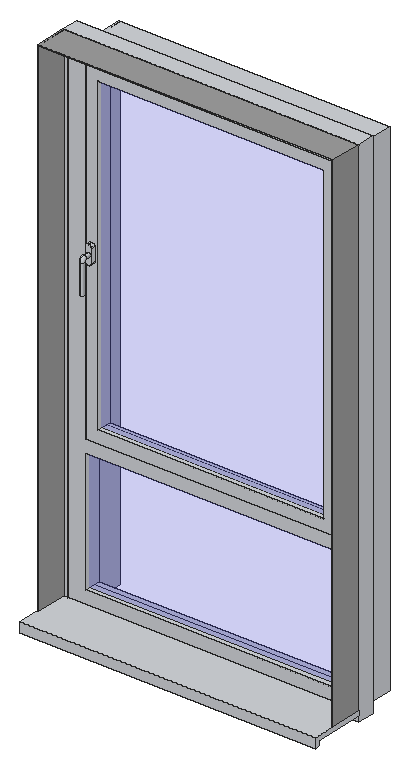
Revit family "AVLN_Окно_Фрамуга_1 створка", category Окна, Revit 2021
Family settings
  Основа = Стена
  Номер OmniClass = 23.30.20.00
  Заголовок OmniClass = Windows
  Всегда вертикально = Да
  При загрузке вырезать с полостями = Нет
  Общий = Нет
  Точка принадлежности помещению = Нет
Parameters (values of type "Для копирования!")
  Ширина рамы = 70 mm
  Ширина импоста = 50 mm
  Четверть слева/справа = 50 mm
  Четверть низ = 0 mm  # constant formula
  Четверть верх = 50 mm
  Толщина основы [instance] = 200 mm
  Створка_толщина = 25 mm  # constant formula
  Створка_снизу_высота = 500 mm
  Створка_профиль = 50 mm
  Створка ширина = Width - ((Ширина рамы * 2) + (Монтажный зазор_Слева + Монтажный зазор_Справа))  # 1020 mm
  Створка высота = Height - (Створка_снизу_высота + (Ширина рамы * 2) + Ширина импоста + (Монтажный зазор_Сверху + Монтажный зазор_Снизу))  # 1370 mm
  Rough Width = Width - Монтажный зазор_Слева - Монтажный зазор_Справа  # 1160 mm
  Rough Height = Height - Монтажный зазор_Сверху - Монтажный зазор_Снизу  # 2060 mm
  Подстановочный профиль_Ширина = 20 mm  # constant formula
  Подстановочный профиль_Толщина = 50 mm
  Подоконник_Толщина = 20 mm
  Подоконник_Длина = Width  # 1200 mm
  Подоконник_Глубина = 190 mm
  Подоконник = yes
  Отлив_Толщина = 1 mm  # constant formula
  Отлив_Длина = Width - [Четверть слева/справа] * 2  # 1100 mm
  Отлив_Глубина = 200 mm
  Отлив = no
  Откос_Н.Ширина = Width - 2 * [Четверть слева/справа]  # 1100 mm
  Откос_Н.Толщина.8 = 32 mm
  Откос_Н.Толщина.7 = 28 mm
  Откос_Н.Толщина.6 = 24 mm
  Откос_Н.Толщина.5 = 20 mm
  Откос_Н.Толщина.4 = 16 mm
  Откос_Н.Толщина.3 = 12 mm
  Откос_Н.Толщина.2 = 8 mm
  Откос_Н.Толщина.1 = 4 mm
  Откос_Н.Отступ_П = 0 mm  # constant formula
  Откос_Н.Отступ_Л = 0 mm  # constant formula
  Откос_Н.Количество слоев = 1
  Откос_Н.Глубина = 150 mm
  Откос_Н.Высота = Height - Четверть верх - Четверть низ  # 2050 mm
  Откос_В.Толщина.8 = 32 mm
  Откос_В.Толщина.7 = 28 mm
  Откос_В.Толщина.6 = 24 mm
  Откос_В.Толщина.5 = 20 mm
  Откос_В.Толщина.4 = 16 mm
  Откос_В.Толщина.3 = 12 mm
  Откос_В.Толщина.2 = 8 mm
  Откос_В.Толщина.1 = 4 mm
  Откос_В.Отступ_П [instance] = Монтажный зазор_Снизу + Подоконник_Толщина  # 40 mm
  Откос_В.Отступ_Л [instance] = Монтажный зазор_Снизу + Подоконник_Толщина  # 40 mm
  Откос_В.Количество слоев = 1
  Откос_В.Глубина [instance] = Толщина основы - Глубина вставки - Ширина рамы  # 130 mm
  Определить тепловые свойства по = Тип схем
  Низ открывание = АВЛН_Створка открывная : Створка глухая
  Монтажный зазор_Справа = 20 mm
  Монтажный зазор_Снизу = 20 mm
  Монтажный зазор_Слева = 20 mm
  Монтажный зазор_Сверху = 20 mm
  М.Стекла = Стекло
  М.Рамы = none
  М.Подоконный профиль = none
  М.Подоконник = none
  М.Отлив = none
  М.Откос_Н.8 = none
  М.Откос_Н.7 = none
  М.Откос_Н.6 = none
  М.Откос_Н.5 = none
  М.Откос_Н.4 = none
  М.Откос_Н.3 = none
  М.Откос_Н.2 = none
  М.Откос_Н.1 = none
  М.Откос_В.8 = none
  М.Откос_В.7 = none
  М.Откос_В.6 = none
  М.Откос_В.5 = none
  М.Откос_В.4 = none
  М.Откос_В.3 = none
  М.Откос_В.2 = none
  М.Откос_В.1 = none
  М.Монтажного зазора = none
  Type Comments = ""
  Model = ""
  Глубина вставки = 0 mm
  Высота подоконника по умолчанию = 800 mm
  Height = 2100 mm
  Замыкание стены = По основе
  Width = 1200 mm
  Верх открывание = АВЛН_Створка открывная : Створка повороно-откидная правая
  Аналитическая конструкция = "<Нет>"
  АВЛН_Проем_Ширина [instance] = Width  # 1200 mm
  АВЛН_Проем_Высота [instance] = Height  # 2100 mm
  ADSK_Этаж [instance] = ""
  ADSK_Размер_Ширина = Width  # 1200 mm
  ADSK_Размер_Высота = Height  # 2100 mm
  ADSK_Примечание [instance] = ""
  ADSK_Площадь = Height * Width  # 2.52 m²
  ADSK_Обозначение = ""
  ADSK_Номер секции [instance] = ""
  ADSK_Наименование = ""
  ADSK_Марка = ""
  ADSK_Группирование = ""
  -----------Разрезка----------- = "-----------"  # constant formula
  -----------Профили----------- = "-----------"  # constant formula
  -----------Подоконник----------- = "-----------"  # constant formula
  -----------Отлив----------- = "-----------"  # constant formula
  -----------Откос----------- = "-----------"  # constant formula
  -----------Основные габариты----------- = "-----------"  # constant formula
  -----------Вставка----------- = "-----------"  # constant formula
Reference planes
  plane 1 "По центру (Вперед/Назад)": y = 0
  plane 2 "По центру (Влево/Вправо)": x = 0
  plane 3 "Слева": x = -600
  plane 4 "Справа": x = 600
  plane 5 "Подоконник": z = 800
  plane 6 "Заголовок": z = 2900
  plane 7 "Наружный": y = 100
  plane 8 "Внутренние": y = -100
  plane 9 "Окно": y = 100
  plane 10: x = 580
  plane 11: z = 2880
  plane 12: x = -580
  plane 13: z = 820
  plane 14: x = 550
  plane 15: x = -550
  plane 16: z = 1850
  plane 17: y = 600
  plane 18: y = -400
  plane 19: z = 2850
  plane 20 "Чет. низ": z = 800
  plane 21 "Внутряння грань": y = 30
  plane 22: y = 80
  plane 23 "Импост верх": z = 1440
  plane 24 "Импост низ": z = 1390
  plane 25: z = 890
  plane 26: z = 2810
  plane 27: x = -510
  plane 28: x = 510
  plane 29 "4": z = 1415
  plane 30: z = 1140
  plane 31: x = 0
  plane 32: z = 2125
Forms (mm)
  Extrusion 1, void
    sketch origin (0, 100, 0) x (1, 0, 0) y (0, 0, 1)
      loop
        line (550, 2850) -> (-550, 2850) -> (-550, 800) -> (550, 800) -> (550, 2850)
    from -500 to 20
  Extrusion 2, void
    sketch origin (0, 100, 0) x (1, 0, 0) y (0, 0, 1)
      loop
        line (600, 2900) -> (-600, 2900) -> (-600, 800) -> (600, 800) -> (600, 2900)
    from 0 to 500
  Extrusion 3, solid, material <- "М.Монтажного зазора", detail levels medium+fine
    sketch origin (0, 100, 0) x (1, 0, 0) y (0, 0, 1)
      loop
        line (600, 2900) -> (-600, 2900) -> (-600, 800) -> (600, 800) -> (600, 2900)
      loop
        line (-580, 2880) -> (-580, 820) -> (580, 820) -> (580, 2880) -> (-580, 2880)
    from 0 to 70
  Extrusion 4, solid, material <- "М.Рамы", detail levels medium+fine
    sketch origin (0, 100, 0) x (-1, 0, 0) y (0, 0, 1)
      loop
        line (-580, 2880) -> (-580, 820) -> (580, 820) -> (580, 2880) -> (-580, 2880)
      loop
        line (-510, 2810) -> (-510, 1440) -> (510, 1440) -> (510, 2810) -> (-510, 2810)
      loop
        line (-510, 890) -> (510, 890) -> (510, 1390) -> (-510, 1390) -> (-510, 890)
    from -70 to 0
Lines and regions (mm)
  reference lines
    curve 1: line (-600, -100, 1415) -> (600, -100, 1415)
Text (mm)
  text "EXTERIOR" at (-1963.203, 1332.353, 0), in view "Опорный уровень"
  text "INTERIOR" at (-1981.466, -818.386, 0), in view "Опорный уровень"
  text "Наружный" at (0, 923.751, 2943.296), in view "Справа"
  text "Наружный" at (0, 1240.237, 2685.409), in view "Слева"
Dimensions and locks
  equal spacing: plane 3 "Слева", plane 2 "По центру (Влево/Вправо)", plane 4 "Справа"
  "Width": plane 3 "Слева" to plane 4 "Справа"
  "Height": plane 5 "Подоконник" to plane 6 "Заголовок"
  "Высота подоконника по умолчанию": plane 5 "Подоконник" to level
  locked: plane 7 "Наружный" to host wall
  locked: plane 8 "Внутренние" to host wall
  "Глубина вставки": plane 9 "Окно" to plane 7 "Наружный"
  "Монтажный зазор_Справа": plane 10 to plane 4 "Справа"
  "Монтажный зазор_Слева": plane 3 "Слева" to plane 12
  "Монтажный зазор_Сверху": plane 11 to plane 6 "Заголовок"
  "Монтажный зазор_Снизу": plane 5 "Подоконник" to plane 13
  "Четверть слева/справа": plane 14 to plane 4 "Справа"
  "Четверть слева/справа": plane 3 "Слева" to plane 15
  equal spacing: plane 5 "Подоконник", plane 16, plane 6 "Заголовок"
  locked: plane 7 "Наружный" to plane 17 at 500
  locked: plane 18 to plane 8 "Внутренние" at 300
  "Четверть верх": plane 19 to plane 6 "Заголовок"
  "Четверть низ": plane 5 "Подоконник" to plane 20 "Чет. низ"
  "Ширина рамы": plane 9 "Окно" to plane 21 "Внутряння грань"
  "Толщина основы": host wall to host wall
  locked: plane 22 to plane 21 "Внутряння грань" at 50
  "Ширина импоста": plane 24 "Импост низ" to plane 23 "Импост верх"
  "Ширина рамы": plane 28 to plane 10
  "Ширина рамы": plane 12 to plane 27
  "Ширина рамы": plane 13 to plane 25
  "Ширина рамы": plane 26 to plane 11
  plane 23 "Импост верх" to plane 26 = 1370 mm
  "Створка_снизу_высота": plane 25 to plane 24 "Импост низ"
  equal spacing: plane 23 "Импост верх", plane 29 "4", plane 24 "Импост низ"
  equal spacing: plane 3 "Слева", plane 31, plane 4 "Справа"
  equal spacing: plane 24 "Импост низ", plane 30, plane 25
  equal spacing: plane 26, plane 32, plane 23 "Импост верх"
  aligned and locked: Extrusion 1 sketch curve to plane 14
  aligned and locked: Extrusion 1 sketch curve to plane 15
  aligned and locked: plane 17 to Extrusion 1
  aligned and locked: Extrusion 2 sketch curve to plane 6 "Заголовок"
  aligned and locked: Extrusion 2 sketch curve to plane 4 "Справа"
  aligned and locked: plane 5 "Подоконник" to Extrusion 2 sketch curve
  aligned and locked: plane 3 "Слева" to Extrusion 2 sketch curve
  aligned and locked: plane 9 "Окно" to Extrusion 2
  aligned and locked: Extrusion 2 to plane 18
  aligned and locked: Extrusion 1 sketch curve to plane 19
  aligned and locked: plane 20 "Чет. низ" to Extrusion 1 sketch curve
  aligned and locked: plane 9 "Окно" to nested 1
  aligned and locked: plane 2 "По центру (Влево/Вправо)" to nested 1
  aligned and locked: nested 2 to plane 21 "Внутряння грань"
  aligned and locked: nested 2 to plane 2 "По центру (Влево/Вправо)"
  aligned and locked: plane 8 "Внутренние" to nested 3
  aligned and locked: nested 4 to plane 9 "Окно"
  aligned and locked: Extrusion 3 sketch curve to plane 6 "Заголовок"
  aligned and locked: Extrusion 3 sketch curve to plane 4 "Справа"
  aligned and locked: Extrusion 3 sketch curve to nested 2  (x2)
  aligned and locked: Extrusion 3 sketch curve to plane 11
  aligned and locked: Extrusion 3 sketch curve to plane 12
  aligned and locked: plane 13 to Extrusion 3 sketch curve
  aligned and locked: Extrusion 3 sketch curve to plane 10
  aligned and locked: Extrusion 3 to nested 2
  aligned and locked: plane 24 "Импост низ" to Extrusion 4 sketch curve
  aligned and locked: plane 23 "Импост верх" to Extrusion 4 sketch curve
  aligned and locked: Extrusion 4 sketch curve to Extrusion 4 sketch curve
  aligned and locked: plane 27 to Extrusion 4 sketch curve
  aligned and locked: Extrusion 4 sketch curve to plane 12
  aligned and locked: plane 13 to Extrusion 4 sketch curve
  aligned and locked: plane 28 to Extrusion 4 sketch curve  (x2)
  aligned and locked: plane 10 to Extrusion 4 sketch curve
  aligned and locked: Extrusion 4 sketch curve to plane 26
  aligned and locked: Extrusion 4 sketch curve to plane 11
  aligned and locked: plane 20 "Чет. низ" to nested 4
  aligned and locked: nested 4 to plane 2 "По центру (Влево/Вправо)"
  aligned and locked: plane 9 "Окно" to Extrusion 3
  aligned and locked: Extrusion 4 to plane 21 "Внутряння грань"
  aligned and locked: plane 9 "Окно" to Extrusion 4
  aligned and locked: Extrusion 1 to plane 22
  aligned and locked: curve 1 to plane 29 "4"
  aligned and locked: plane 3 "Слева" to curve 1
  aligned and locked: plane 4 "Справа" to curve 1
  aligned and locked: plane 31 to nested 6
  aligned and locked: nested 6 to plane 16
  aligned and locked: nested 3 to plane 31
  aligned and locked: plane 31 to nested 8
  aligned and locked: plane 31 to nested 9
  aligned and locked: nested 8 to plane 32
  aligned and locked: plane 24 "Импост низ" to nested 9
Automatic sketch dimensions
  Extrusion 4 sketch curve to plane 25 = 0 mm
Nested families
  nested 1: "Отлив" at (0, 100, 800) x (-1, 0, 0) z (0, 0, 1), Глубина отлива <- "Отлив_Глубина", Длина отлива <- "Отлив_Длина", ТО <- "Отлив_Толщина", Ш_МЗЗ <- "Монтажный зазор_Снизу", Ш_ПП <- "Подстановочный профиль_Ширина", ADSK_Группирование <- "ADSK_Группирование", ADSK_Номер секции <- "ADSK_Номер секции", ADSK_Этаж <- "ADSK_Этаж", visible <- "Отлив", М <- "М.Отлив", type "Отлив", detail levels fine
    with Ш_ПП 20 mm, Ш_МЗЗ 20 mm, ТО 1 mm, М none, Длина отлива 1100 mm, Глубина отлива 200 mm, ADSK_Этаж "", ADSK_Примечание "", ADSK_Обозначение "", ADSK_Номер секции "", ADSK_Наименование "", ADSK_Марка "", ADSK_Группирование ""
  nested 2: "Подоконник" at (0, 30, 800), Глубина подоконника <- "Подоконник_Глубина", Длина отлива <- "Подоконник_Длина", ТП <- "Подоконник_Толщина", Ш_МЗЗ <- "Монтажный зазор_Снизу", Ш_ПП <- "Подстановочный профиль_Ширина", ADSK_Группирование <- "ADSK_Группирование", ADSK_Номер секции <- "ADSK_Номер секции", ADSK_Этаж <- "ADSK_Этаж", visible <- "Подоконник", М <- "М.Подоконник", type "Подоконник", detail levels fine
    with Ш_ПП 20 mm, Ш_МЗЗ 20 mm, ТП 20 mm, М none, Длина отлива 1200 mm, Глубина подоконника 190 mm, ADSK_Этаж "", ADSK_Примечание "", ADSK_Обозначение "", ADSK_Номер секции "", ADSK_Наименование "", ADSK_Марка "", ADSK_Группирование ""
  nested 3: "AVLN_Откосы_R19" at (0, -100, 0), Глубина <- "Откос_В.Глубина", Высота от уровня <- "Высота подоконника по умолчанию", ADSK_Группирование <- "Type Comments", ADSK_Этаж <- "ADSK_Этаж", ADSK_Номер секции <- "ADSK_Номер секции", Материал_1 <- "М.Откос_В.1", Материал_2 <- "М.Откос_В.2", Материал_3 <- "М.Откос_В.3", Материал_4 <- "М.Откос_В.4", Материал_5 <- "М.Откос_В.5", Материал_6 <- "М.Откос_В.6", Материал_7 <- "М.Откос_В.7", Материал_8 <- "М.Откос_В.8", Толщина_1 <- "Откос_В.Толщина.1", Толщина_2 <- "Откос_В.Толщина.2", Толщина_3 <- "Откос_В.Толщина.3", Толщина_4 <- "Откос_В.Толщина.4", Толщина_5 <- "Откос_В.Толщина.5", Толщина_6 <- "Откос_В.Толщина.6", Толщина_7 <- "Откос_В.Толщина.7", Толщина_8 <- "Откос_В.Толщина.8", Количество слоев <- "Откос_В.Количество слоев", Отступ_Л <- "Откос_В.Отступ_Л", Отступ_П <- "Откос_В.Отступ_П", Высота <- "Height", Ширина <- "Width", type "AVLN_Откосы_R19"
    with Ширина_8 976 mm, Ширина_7 1032 mm, Ширина_6 1080 mm, Ширина_5 1120 mm, Ширина_4 1152 mm, Ширина_3 1176 mm, Ширина_2 1192 mm, Ширина 1200 mm, Толщина_8 32 mm, Толщина_7 28 mm, Толщина_6 24 mm, Толщина_5 20 mm, Толщина_4 16 mm, Толщина_3 12 mm, Толщина_2 8 mm, Толщина_1 4 mm, Отступ_П 40 mm, Отступ_Л 40 mm, Материал_8 none, Материал_7 none, Материал_6 none, Материал_5 none, Материал_4 none, Материал_3 none, Материал_2 none, Материал_1 none, Количество слоев 1, Глубина 130 mm, Высота_8 1988 mm, Высота_7 2016 mm, Высота_6 2040 mm, Высота_5 2060 mm, Высота_4 2076 mm, Высота_3 2088 mm, Высота_2 2096 mm, Высота от уровня 800 mm, Высота 2100 mm, Видимость_8 no, Видимость_7 no, Видимость_6 no, Видимость_5 no, Видимость_4 no, Видимость_3 no, Видимость_2 no, Видимость_1 yes, ADSK_Этаж "", ADSK_Номер секции "", ADSK_Группирование ""
  nested 4: "AVLN_Откосы_R19" at (0, 100, 0), Ширина <- "Откос_Н.Ширина", Глубина <- "Откос_Н.Глубина", Высота <- "Откос_Н.Высота", Высота от уровня <- "Высота подоконника по умолчанию", ADSK_Группирование <- "Type Comments", ADSK_Этаж <- "ADSK_Этаж", ADSK_Номер секции <- "ADSK_Номер секции", Материал_1 <- "М.Откос_Н.1", Материал_2 <- "М.Откос_Н.2", Материал_3 <- "М.Откос_Н.3", Материал_4 <- "М.Откос_Н.4", Материал_5 <- "М.Откос_Н.5", Материал_6 <- "М.Откос_Н.6", Материал_7 <- "М.Откос_Н.7", Материал_8 <- "М.Откос_Н.8", Толщина_1 <- "Откос_Н.Толщина.1", Толщина_2 <- "Откос_Н.Толщина.2", Толщина_3 <- "Откос_Н.Толщина.3", Толщина_4 <- "Откос_Н.Толщина.4", Толщина_5 <- "Откос_Н.Толщина.5", Толщина_6 <- "Откос_Н.Толщина.6", Толщина_7 <- "Откос_Н.Толщина.7", Толщина_8 <- "Откос_Н.Толщина.8", Количество слоев <- "Откос_Н.Количество слоев", Отступ_Л <- "Откос_Н.Отступ_Л", Отступ_П <- "Откос_Н.Отступ_П", type "AVLN_Откосы_R19"
    with Ширина_8 876 mm, Ширина_7 932 mm, Ширина_6 980 mm, Ширина_5 1020 mm, Ширина_4 1052 mm, Ширина_3 1076 mm, Ширина_2 1092 mm, Ширина 1100 mm, Толщина_8 32 mm, Толщина_7 28 mm, Толщина_6 24 mm, Толщина_5 20 mm, Толщина_4 16 mm, Толщина_3 12 mm, Толщина_2 8 mm, Толщина_1 4 mm, Отступ_П 0 mm, Отступ_Л 0 mm, Материал_8 none, Материал_7 none, Материал_6 none, Материал_5 none, Материал_4 none, Материал_3 none, Материал_2 none, Материал_1 none, Количество слоев 1, Глубина 150 mm, Высота_8 1938 mm, Высота_7 1966 mm, Высота_6 1990 mm, Высота_5 2010 mm, Высота_4 2026 mm, Высота_3 2038 mm, Высота_2 2046 mm, Высота от уровня 800 mm, Высота 2050 mm, Видимость_8 no, Видимость_7 no, Видимость_6 no, Видимость_5 no, Видимость_4 no, Видимость_3 no, Видимость_2 no, Видимость_1 yes, ADSK_Этаж "", ADSK_Номер секции "", ADSK_Группирование ""
  nested 5: "Откос_R1" at (0, 175, 800), type "Откос_R19 2"
    with Площадь 0.78 m², Отступ_П 0 mm, Отступ_Л 0 mm, Материал none, Видимость yes, ADSK_Этаж "", ADSK_Размер_Ширина 1100 mm, ADSK_Размер_Толщина 4 mm, ADSK_Размер_Глубина 150 mm, ADSK_Размер_Высота 2050 mm, ADSK_Номер секции "", ADSK_Группирование ""
  nested 6: "AVLN_Обозначение проема" at (0, 100, 1850) x (0, 0, -1) z (0, -1, 0), ADSK_Размер_Высота <- "АВЛН_Проем_Ширина", ADSK_Размер_Ширина <- "АВЛН_Проем_Высота", type "AVLN_Обозначение проема", detail levels coarse
    with Длина 200 mm, ADSK_Размер_Ширина 2100 mm, ADSK_Размер_Высота 1200 mm
  nested 7: "Откос_R1" at (0, -35, 800), type "Откос_R19 2"
    with Площадь 0.702 m², Отступ_П 40 mm, Отступ_Л 40 mm, Материал none, Видимость yes, ADSK_Этаж "", ADSK_Размер_Ширина 1200 mm, ADSK_Размер_Толщина 4 mm, ADSK_Размер_Глубина 130 mm, ADSK_Размер_Высота 2100 mm, ADSK_Номер секции "", ADSK_Группирование ""
  nested 8: "АВЛН_Створка открывная" at (0, 30, 2125) x (-1, 0, 0) z (0, 1, 0), type <- "Верх открывание", Ширина рамы <- "Створка_профиль", Створка высота <- "Створка высота", Створка ширина <- "Створка ширина", Материал_Ручки <- "М.Рамы", Материал_Рама <- "М.Рамы", Материал_Стеклопакет <- "М.Стекла", type "Створка повороно-откидная правая", detail levels medium+fine
    with Ширина рамы 50 mm, Створка ширина 1020 mm, Створка высота 1370 mm, Материал_Стеклопакет Стекло, Материал_Ручки none, Материал_Рама none, Width 1020 mm, Height 1370 mm
  nested 9: "АВЛН_Створка открывная" at (0, 30, 1140) x (-1, 0, 0) z (0, 1, 0), type <- "Низ открывание", Ширина рамы <- "Створка_профиль", Створка высота <- "Створка_снизу_высота", Створка ширина <- "Створка ширина", Материал_Ручки <- "М.Рамы", Материал_Рама <- "М.Рамы", Материал_Стеклопакет <- "М.Стекла", type "Створка глухая", detail levels medium+fine
    with Ширина рамы 50 mm, Створка ширина 1020 mm, Створка высота 500 mm, Материал_Стеклопакет Стекло, Материал_Ручки none, Материал_Рама none
Definition of nested family "Отлив"
  Parameters (values of type "Отлив")
    Ш_ПП [instance] = 50 mm
    Ш_МЗЗ [instance] = 35 mm
    ТО [instance] = 1 mm
    Default Elevation = 1219.2 mm
    М [instance] = none
    Длина отлива [instance] = 1560 mm
    Глубина отлива [instance] = 280 mm
    ADSK_Этаж [instance] = ""
    ADSK_Примечание [instance] = ""
    ADSK_Обозначение [instance] = ""
    ADSK_Номер секции [instance] = ""
    ADSK_Наименование [instance] = ""
    ADSK_Марка [instance] = ""
    ADSK_Группирование [instance] = ""
  Reference planes
    plane 1 "По центру (Вперед/Назад)": y = 0
    plane 2: z = 0
    plane 3 "По центру (Влево/Вправо)": x = 0
    plane 4: y = -280
    plane 5: x = -780
    plane 6: x = 780
    plane 7: z = 35
    plane 8: z = 85
    plane 9: y = -1
    plane 10: y = -300
    plane 11: y = -301
    plane 12: z = -35
    plane 13: z = 34
  Forms (mm)
    Extrusion 1, solid, material <- "М"
      sketch origin (0, 0, 0) x (0, 1, 0) y (0, 0, 1)
        loop
          line (0, 85) -> (-1, 85) -> (-1, 34.893) -> (-301, 0.893) -> (-301, -35) -> (-300, -35) -> (-300, 0) -> (0, 34) -> (0, 85)
      from -780 to 780
  Dimensions and locks
    equal spacing: plane 5, plane 3 "По центру (Влево/Вправо)", plane 6
    "Длина отлива": plane 5 to plane 6
    "Глубина отлива": plane 4 to plane 1 "По центру (Вперед/Назад)"
    "Ш_МЗЗ": plane 7 to level
    "Ш_ПП": plane 8 to plane 7
    "ТО": plane 1 "По центру (Вперед/Назад)" to plane 9
    "ТО": plane 10 to plane 11
    locked: level to plane 12 at 35
    "ТО": plane 7 to plane 13
    "ТО": Extrusion 1 sketch curve to Extrusion 1 sketch curve
    locked: plane 4 to plane 10 at 20
    aligned and locked: level to plane 2
    aligned and locked: plane 8 to Extrusion 1 sketch curve
    aligned and locked: plane 9 to Extrusion 1 sketch curve
    aligned and locked: plane 11 to Extrusion 1 sketch curve
    aligned and locked: plane 12 to Extrusion 1 sketch curve
    aligned and locked: plane 1 "По центру (Вперед/Назад)" to Extrusion 1 sketch curve  (x2)
    aligned and locked: plane 13 to Extrusion 1 sketch curve
    aligned and locked: level to Extrusion 1 sketch curve
    aligned and locked: plane 10 to Extrusion 1 sketch curve
    aligned and locked: plane 6 to Extrusion 1
    aligned and locked: Extrusion 1 to plane 5
Definition of nested family "Подоконник"
  Parameters (values of type "Подоконник")
    Ш_ПП [instance] = 50 mm
    Ш_МЗЗ [instance] = 35 mm
    ТП [instance] = 20 mm
    Default Elevation = 1219.2 mm
    М [instance] = none
    Длина отлива [instance] = 1560 mm
    Глубина подоконника [instance] = 280 mm
    ADSK_Этаж [instance] = ""
    ADSK_Примечание [instance] = ""
    ADSK_Обозначение [instance] = ""
    ADSK_Номер секции [instance] = ""
    ADSK_Наименование [instance] = ""
    ADSK_Марка [instance] = ""
    ADSK_Группирование [instance] = ""
  Reference planes
    plane 1 "По центру (Вперед/Назад)": y = 0
    plane 2: z = 0
    plane 3 "По центру (Влево/Вправо)": x = 0
    plane 4: y = -280
    plane 5: x = -780
    plane 6: x = 780
    plane 7: z = 35
    plane 8: z = 85
    plane 9: y = -20
    plane 10: y = -290
    plane 11: y = -310
    plane 12: z = -35
    plane 13: z = 15
    plane 14: z = 65
  Forms (mm)
    Extrusion 1, solid, material <- "М"
      sketch origin (0, 0, 0) x (0, 1, 0) y (0, 0, 1)
        loop
          line (0, 85) -> (-310, 85) -> (-310, 0) -> (-290, 0) -> (-290, 65) -> (0, 65) -> (0, 85)
      from -780 to 780
  Dimensions and locks
    equal spacing: plane 5, plane 3 "По центру (Влево/Вправо)", plane 6
    "Длина отлива": plane 5 to plane 6
    "Глубина подоконника": plane 4 to plane 1 "По центру (Вперед/Назад)"
    "Ш_МЗЗ": plane 7 to level
    "Ш_ПП": plane 8 to plane 7
    "ТП": plane 1 "По центру (Вперед/Назад)" to plane 9
    "ТП": plane 10 to plane 11
    locked: level to plane 12 at 35
    "ТП": plane 7 to plane 13
    locked: plane 4 to plane 10 at 10
    "ТП": plane 8 to plane 14
    aligned and locked: level to plane 2
    aligned and locked: plane 8 to Extrusion 1 sketch curve
    aligned and locked: plane 1 "По центру (Вперед/Назад)" to Extrusion 1 sketch curve
    aligned and locked: plane 10 to Extrusion 1 sketch curve
    aligned and locked: plane 11 to Extrusion 1 sketch curve
    aligned and locked: level to Extrusion 1 sketch curve
    aligned and locked: plane 14 to Extrusion 1 sketch curve
    aligned and locked: Extrusion 1 to plane 5
    aligned and locked: plane 6 to Extrusion 1
Definition of nested family "Откос_R1"
  Parameters (values of type "Откос_R19")
    Площадь [instance] = (ADSK_Размер_Ширина + 2 * ADSK_Размер_Высота) * ADSK_Размер_Глубина  # 2.93564 m²
    Отступ_П [instance] = 0 mm
    Отступ_Л [instance] = 0 mm
    Материал [instance] = none
    Model = "Внутренний слой откоса"  # constant formula
    Видимость [instance] = yes
    ADSK_Этаж [instance] = ""
    ADSK_Размер_Ширина [instance] = 1880 mm
    ADSK_Размер_Толщина [instance] = 164.158 mm
    ADSK_Размер_Глубина [instance] = 560 mm
    ADSK_Размер_Высота [instance] = 1681.106 mm
    ADSK_Примечание = ""
    ADSK_Обозначение = ""
    ADSK_Номер секции [instance] = ""
    ADSK_Наименование = ""
    ADSK_Марка = ""
    ADSK_Группирование [instance] = ""
  Reference planes
    plane 1 "По центру (Вперед/Назад)": y = 0
    plane 2: z = 0
    plane 3 "По центру (Влево/Вправо)": x = 0
    plane 4: x = -940
    plane 5: x = 940
    plane 6: y = 280
    plane 7: y = -280
    plane 8: x = -775.842
    plane 9: z = 1681.106
    plane 10: z = 0
    plane 11: z = 0
  Forms (mm)
    Sweep 1, solid, material <- "Материал", visible <- "Видимость"
      path origin (0, 0, 0) x (1, 0, 0) y (0, 0, 1)
        loop
          line (940, 0) -> (940, 1681.106) -> (-940, 1681.106) -> (-940, 0)
      profile origin (-940, 0, 840.553) x (0, -1, 0) y (1, 0, 0)
        loop
          line (-280, 0) -> (280, 0) -> (280, 164.158) -> (-280, 164.158) -> (-280, 0)
  Dimensions and locks
    equal spacing: plane 6, plane 1 "По центру (Вперед/Назад)", plane 7
    equal spacing: plane 4, plane 3 "По центру (Влево/Вправо)", plane 5
    "ADSK_Размер_Толщина": plane 4 to plane 8
    "ADSK_Размер_Глубина": plane 6 to plane 7
    "ADSK_Размер_Высота": plane 9 to level
    "ADSK_Размер_Ширина": plane 5 to plane 4
    "Отступ_Л": plane 10 to level
    "Отступ_П": plane 11 to level
    aligned and locked: level to plane 2
    aligned and locked: Sweep 1 sketch curve to plane 4
    aligned and locked: Sweep 1 sketch curve to plane 9
    aligned and locked: Sweep 1 sketch curve to plane 5
    aligned and locked: plane 6 to Sweep 1 sketch curve
    aligned and locked: profile plane to Sweep 1 sketch curve
    aligned and locked: Sweep 1 sketch curve to plane 7
    aligned and locked: plane 8 to Sweep 1 sketch curve
    aligned and locked: plane 10 to Sweep 1 sketch curve
    aligned and locked: plane 11 to Sweep 1 sketch curve
Definition of nested family "АВЛН_Створка открывная"
  Parameters (values of type "Створка повороно-откидная правая")
    Ширина рамы [instance] = 50 mm
    Width = 1600 mm
    Створка ширина [instance] = 800 mm
    Створка высота [instance] = 700 mm
    Define Thermal Properties by = 1
    Материал_Стеклопакет [instance] = none
    Поворотная Правая = yes
    Поворотная Левая = no
    Default Elevation = 1219.2 mm
    Открываная = yes
    Откидная = yes
    Материал_Ручки [instance] = none
    Материал_Рама [instance] = none
    Левая = yes
    Глухое = no
    Height = 1800 mm
    Analytic Construction = "<Нет>"
  Types (6, lengths in mm): name | Поворотная Правая | Поворотная Левая | Открываная | Откидная | Глухое
    Створка повороно-откидная правая | yes | no | yes | yes | no
    Створка повороно-откидная левая | no | yes | yes | yes | no
    Створка глухая | no | no | no | no | yes
    Створка откидная | no | no | yes | yes | no
    Створка поворотная правая | yes | no | yes | no | no
    Створка поворотная левая | no | yes | yes | no | no
  Reference planes
    plane 1 "По центру (Вперед/Назад)": y = 0
    plane 2 "Внутрення грань": z = 0
    plane 3 "По центру (Влево/Вправо)": x = 0
    plane 4: y = 350
    plane 5: x = 400
    plane 6: y = -350
    plane 7: x = -400
    plane 8 "Наружняя грань": z = 60.433
    plane 9 "По центру Л/Р": z = 30.216
  Forms (mm)
    Extrusion 1, solid
      sketch origin (0, 0, 0) x (1, 0, 0) y (0, 1, 0)
        loop
          line (-1219.2, 1219.2) -> (-1219.2, -1219.2) -> (1219.2, -1219.2) -> (1219.2, 1219.2) -> (-1219.2, 1219.2)
      from 0 to -304.8
    Sweep 2, solid, material <- "Материал_Рама", visible <- "Открываная"
      path origin (0, 0, 0) x (1, 0, 0) y (0, 1, 0)
        loop
          line (400, 350) -> (-400, 350) -> (-400, -350) -> (400, -350) -> (400, 350)
      profile origin (0, 350, 0) x (0, -1, 0) y (0, 0, 1)
        loop
          line (0, 0) -> (50, 0) -> (50, 60.433) -> (0, 60.433) -> (0, 0)
    Extrusion 3, solid, material <- "Материал_Стеклопакет", visible <- "Открываная"
      sketch origin (0, 0, 0) x (1, 0, 0) y (0, 1, 0)
        loop
          line (-350, 300) -> (-350, -300) -> (350, -300) -> (350, 300) -> (-350, 300)
      from 17.481 to 42.952
    Extrusion 4, solid, material <- "Материал_Стеклопакет", visible <- "Глухое"
      sketch origin (0, 0, 0) x (1, 0, 0) y (0, 1, 0)
        loop
          line (-400, 350) -> (-400, -350) -> (400, -350) -> (400, 350) -> (-400, 350)
      from 17.481 to 42.952
  Lines and regions (mm)
    model lines, visible <- "Глухое", detail levels medium+fine
      curve 1: line (0, 50, 60.433) -> (0, -50, 60.433)
      curve 2: line (50, 0, 60.433) -> (-50, 0, 60.433)
      curve 17: line (0, 50, 0) -> (0, -50, 0)
      curve 18: line (50, 0, 0) -> (-50, 0, 0)
    model lines, visible <- "Глухое", not visible, detail levels medium+fine
      curve 3: line (60, 38.001, 60.433) -> (60, -61.999, 60.433)
      curve 4: line (110, -11.999, 60.433) -> (10, -11.999, 60.433)
    model lines, visible <- "Поворотная Левая", detail levels medium+fine
      curve 5: line (400, 350, 0) -> (-400, 0, 0)
      curve 6: line (400, -350, 0) -> (-400, 0, 0)
      curve 13: line (400, 350, 60.433) -> (-400, 0, 60.433)
      curve 14: line (400, -350, 60.433) -> (-400, 0, 60.433)
    model lines, visible <- "Откидная", detail levels medium+fine
      curve 7: line (-400, -350, 0) -> (0, 350, 0)
      curve 8: line (0, 350, 0) -> (400, -350, 0)
      curve 15: line (-400, -350, 60.433) -> (0, 350, 60.433)
      curve 16: line (0, 350, 60.433) -> (400, -350, 60.433)
    model lines, visible <- "Поворотная Правая", detail levels medium+fine
      curve 9: line (-400, 350, 0) -> (400, 0, 0)
      curve 10: line (-400, -350, 0) -> (400, 0, 0)
      curve 11: line (-400, 350, 60.433) -> (400, 0, 60.433)
      curve 12: line (-400, -350, 60.433) -> (400, 0, 60.433)
  Dimensions and locks
    "Створка высота": plane 4 to plane 6
    "Створка ширина": plane 7 to plane 5
    equal spacing: plane 7, plane 3 "По центру (Влево/Вправо)", plane 5
    equal spacing: plane 6, plane 1 "По центру (Вперед/Назад)", plane 4
    plane 2 "Внутрення грань" to plane 8 "Наружняя грань" = 60.433 mm
    level to Extrusion 4 = 42.952 mm
    plane 8 "Наружняя грань" to level = 60.433 mm
    equal spacing: Extrusion 3, plane 9 "По центру Л/Р", Extrusion 3
    equal spacing: plane 8 "Наружняя грань", plane 9 "По центру Л/Р", level
    Extrusion 3 to Extrusion 3 = 25.471 mm
    "Ширина рамы": profile plane to Sweep 2 sketch curve
    equal spacing: Extrusion 4, plane 9 "По центру Л/Р", Extrusion 4, locked at 12.735 each
    locked: Extrusion 4 to Extrusion 4 at 25.471
    equal spacing: Sweep 2, nested 1, Sweep 2
    equal spacing: Sweep 2, nested 2, Sweep 2
    aligned and locked: plane 2 "Внутрення грань" to Extrusion 1
    aligned and locked: level to Extrusion 1
    aligned and locked: plane 4 to Sweep 2 sketch curve
    aligned and locked: plane 5 to Sweep 2 sketch curve
    aligned and locked: plane 6 to Sweep 2 sketch curve
    aligned and locked: Sweep 2 sketch curve to plane 7
    aligned and locked: Extrusion 3 sketch curve to Sweep 2  (x4)
    aligned and locked: Extrusion 4 sketch curve to Sweep 2  (x3)
    aligned and locked: Extrusion 4 sketch curve to plane 5
    aligned and locked: Sweep 2 sketch curve to plane 8 "Наружняя грань"
    aligned and locked: plane 6 to Extrusion 4
    aligned and locked: plane 4 to Extrusion 4
    aligned and locked: curve 2 to plane 1 "По центру (Вперед/Назад)"
    aligned and locked: curve 1 to plane 3 "По центру (Влево/Вправо)"
    aligned and locked: curve 18 to plane 1 "По центру (Вперед/Назад)"
    aligned and locked: curve 17 to plane 3 "По центру (Влево/Вправо)"
    aligned and locked: nested 2 to plane 1 "По центру (Вперед/Назад)"
    aligned and locked: nested 1 to plane 1 "По центру (Вперед/Назад)"
  Automatic sketch dimensions
    Extrusion 1 sketch curve to Extrusion 1 sketch curve = 2438.4 mm  (x2)
    plane 1 "По центру (Вперед/Назад)" to curve 5 = 0 mm
    curve 5 to plane 7 = 0 mm
    curve 9 to plane 4 = 0 mm
    curve 9 to plane 7 = 0 mm
    plane 6 to curve 7 = 0 mm
    curve 7 to plane 7 = 0 mm
    curve 7 to plane 3 "По центру (Влево/Вправо)" = 0 mm
    curve 6 to plane 5 = 0 mm
    plane 1 "По центру (Вперед/Назад)" to curve 9 = 0 mm
    curve 9 to plane 5 = 0 mm
    curve 5 to plane 4 = 0 mm
    curve 5 to plane 5 = 0 mm
    plane 6 to curve 8 = 0 mm
    curve 8 to plane 4 = 0 mm
    curve 11 to plane 4 = 0 mm
    curve 11 to plane 7 = 0 mm
    plane 6 to curve 15 = 0 mm
    curve 15 to plane 7 = 0 mm
    plane 1 "По центру (Вперед/Назад)" to curve 14 = 0 mm
    curve 14 to plane 7 = 0 mm
    curve 15 to plane 3 "По центру (Влево/Вправо)" = 0 mm
    plane 1 "По центру (Вперед/Назад)" to curve 11 = 0 mm
    curve 11 to plane 5 = 0 mm
    curve 14 to plane 5 = 0 mm
    curve 13 to plane 4 = 0 mm
    curve 13 to plane 5 = 0 mm
    plane 6 to curve 14 = 0 mm
    curve 15 to plane 4 = 0 mm
    plane 1 "По центру (Вперед/Назад)" to curve 2 = 0 mm
    curve 1 to plane 3 "По центру (Влево/Вправо)" = 0 mm
    curve 2 to plane 3 "По центру (Влево/Вправо)" = 50 mm
    plane 3 "По центру (Влево/Вправо)" to curve 2 = 50 mm
    plane 1 "По центру (Вперед/Назад)" to curve 1 = 50 mm
    curve 1 to plane 1 "По центру (Вперед/Назад)" = 50 mm
    curve 18 to curve 17 = 50 mm
    curve 17 to curve 18 = 50 mm
    plane 1 "По центру (Вперед/Назад)" to curve 17 = 50 mm
    curve 17 to plane 1 "По центру (Вперед/Назад)" = 50 mm
    Sweep 2 sketch curve to level = 0 mm
    Sweep 2 sketch curve to profile plane = 0 mm
  Nested families
    nested 1: "АВЛН_Ручка" at (375, 1040, 0) x (1, 0, 0) z (0, -1, 0), visible <- "Поворотная Правая", Материал дверной ручки <- "Материал_Рама", type "АВЛН_Ручка", detail levels fine
      with Материал дверной ручки none, Высота расположения дверной ручки 1040 mm
    nested 2: "АВЛН_Ручка" at (-375, 1040, 0) x (1, 0, 0) z (0, -1, 0), visible <- "Поворотная Левая", Материал дверной ручки <- "Материал_Рама", type "АВЛН_Ручка", detail levels fine
      with Материал дверной ручки none, Высота расположения дверной ручки 1040 mm
  Definition of nested family "АВЛН_Ручка"
    Parameters (values of type "АВЛН_Ручка")
      Default Elevation = 1219.2 mm
      Материал дверной ручки [instance] = none
      Высота расположения дверной ручки [instance] = 1040 mm
      Analytic Construction = "<Нет>"
      b = 25 mm
      a = 75 mm
    Reference planes
      plane 1 "По центру (Вперед/Назад)": y = 0
      plane 2: z = 0
      plane 3 "По центру (Влево/Вправо)": x = 0
      plane 4: z = 1040
      plane 5: x = 12.5
      plane 6: x = -12.5
      plane 7: z = 1002.5
      plane 8: z = 1077.5
      plane 9: y = -15
    Forms (mm)
      Extrusion 1, solid, material <- "Материал дверной ручки"
        sketch origin (0, 0, 2080) x (-1, 0, 0) y (0, 0, -1)
          loop
            arc (-2.5, 1077.5) -> (-9.571, 1074.571) -> (-12.5, 1067.5) r 10
            line (-12.5, 1067.5) -> (-12.5, 1012.5)
            arc (-12.5, 1012.5) -> (-9.571, 1005.429) -> (-2.5, 1002.5) r 10
            line (-2.5, 1002.5) -> (2.5, 1002.5)
            arc (2.5, 1002.5) -> (9.571, 1005.429) -> (12.5, 1012.5) r 10
            line (12.5, 1012.5) -> (12.5, 1067.5)
            arc (12.5, 1067.5) -> (9.571, 1074.571) -> (2.5, 1077.5) r 10
            line (2.5, 1077.5) -> (-2.5, 1077.5)
        from 0 to 15
      Sweep 2, solid, material <- "Материал дверной ручки"
        path origin (-1040, 0, 1040) x (0, 0, -1) y (0, 1, 0)
          loop
            line (0, -15) -> (0, -38.261)
            arc (0, -38.261) -> (-2.929, -45.332) -> (-10, -48.261) r 10
            line (-10, -48.261) -> (-130, -48.261)
        profile origin (-1040, -26.63, 1040) x (0, 0, -1) y (1, 0, 0)
          loop
            circle (0, 1040) r 8
    Dimensions and locks
      "Высота расположения дверной ручки": plane 4 to level
      "a": plane 7 to plane 8
      "b": plane 6 to plane 5
      plane 6 to plane 5 = 25 mm
      locked: plane 1 "По центру (Вперед/Назад)" to plane 9 at 15
      plane 7 to plane 8 = 75 mm
      aligned and locked: level to plane 2
      aligned and locked: Extrusion 1 sketch curve to plane 7
      aligned and locked: plane 5 to Extrusion 1 sketch curve
      aligned and locked: plane 8 to Extrusion 1 sketch curve
      aligned and locked: Extrusion 1 sketch curve to plane 6
      aligned and locked: Extrusion 1 to plane 1 "По центру (Вперед/Назад)"
    Automatic sketch dimensions
      Sweep 2 sketch curve to plane 9 = 0 mm
      plane 4 to Sweep 2 sketch curve = 10 mm
      plane 9 to Sweep 2 sketch curve = 23.261 mm
      Sweep 2 sketch curve to Sweep 2 sketch curve = 120 mm
      Sweep 2 sketch curve to profile plane = 0 mm
      profile plane to Sweep 2 sketch curve = 1040 mm
      Sweep 2 sketch curve to plane 4 = 0 mm
      plane 3 "По центру (Влево/Вправо)" to Extrusion 1 sketch curve = 2.5 mm  (x2)
      Extrusion 1 sketch curve to plane 3 "По центру (Влево/Вправо)" = 2.5 mm  (x2)
      radius of Sweep 2 sketch curve = 8 mm
Definition of nested family "AVLN_Откосы_R19"
  Parameters (values of type "AVLN_Откосы_R19")
    Ширина_8 [instance] = Ширина_7 - Толщина_7 * 2  # 776 mm
    Ширина_7 [instance] = Ширина_6 - Толщина_6 * 2  # 832 mm
    Ширина_6 [instance] = Ширина_5 - Толщина_5 * 2  # 880 mm
    Ширина_5 [instance] = Ширина_4 - Толщина_4 * 2  # 920 mm
    Ширина_4 [instance] = Ширина_3 - Толщина_3 * 2  # 952 mm
    Ширина_3 [instance] = Ширина_2 - Толщина_2 * 2  # 976 mm
    Ширина_2 [instance] = Ширина - Толщина_1 * 2  # 992 mm
    Ширина [instance] = 1000 mm
    Толщина_8 [instance] = 32 mm
    Толщина_7 [instance] = 28 mm
    Толщина_6 [instance] = 24 mm
    Толщина_5 [instance] = 20 mm
    Толщина_4 [instance] = 16 mm
    Толщина_3 [instance] = 12 mm
    Толщина_2 [instance] = 8 mm
    Толщина_1 [instance] = 4 mm
    Отступ_П [instance] = 0 mm
    Отступ_Л [instance] = 0 mm
    Default Elevation = 1219.2 mm
    Материал_8 [instance] = none
    Материал_7 [instance] = none
    Материал_6 [instance] = none
    Материал_5 [instance] = none
    Материал_4 [instance] = none
    Материал_3 [instance] = none
    Материал_2 [instance] = none
    Материал_1 [instance] = none
    Type Comments = ""
    Количество слоев [instance] = 8
    Глубина [instance] = 200 mm
    Высота_8 [instance] = Высота_7 - Толщина_7  # 1388 mm
    Высота_7 [instance] = Высота_6 - Толщина_6  # 1416 mm
    Высота_6 [instance] = Высота_5 - Толщина_5  # 1440 mm
    Высота_5 [instance] = Высота_4 - Толщина_4  # 1460 mm
    Высота_4 [instance] = Высота_3 - Толщина_3  # 1476 mm
    Высота_3 [instance] = Высота_2 - Толщина_2  # 1488 mm
    Высота_2 [instance] = Высота - Толщина_1  # 1496 mm
    Высота от уровня [instance] = 377.189 mm
    Высота [instance] = 1500 mm
    Видимость_8 [instance] = Количество слоев > 7  # yes
    Видимость_7 [instance] = Количество слоев > 6  # yes
    Видимость_6 [instance] = Количество слоев > 5  # yes
    Видимость_5 [instance] = Количество слоев > 4  # yes
    Видимость_4 [instance] = Количество слоев > 3  # yes
    Видимость_3 [instance] = Количество слоев > 2  # yes
    Видимость_2 [instance] = Количество слоев > 1  # yes
    Видимость_1 [instance] = Количество слоев > 0  # yes
    ADSK_Этаж [instance] = ""
    ADSK_Номер секции [instance] = ""
    ADSK_Группирование [instance] = ""
  Reference planes
    plane 1 "По центру (Вперед/Назад)": y = 0
    plane 2: z = 0
    plane 3 "По центру (Влево/Вправо)": x = 0
    plane 4: y = 200
    plane 5: z = 377.189
  Dimensions and locks
    "Глубина": plane 4 to plane 1 "По центру (Вперед/Назад)"
    "Высота от уровня": plane 5 to level
    aligned and locked: level to plane 2
    aligned and locked: plane 3 "По центру (Влево/Вправо)" to nested 1
    aligned and locked: nested 1 to plane 1 "По центру (Вперед/Назад)"
    aligned and locked: plane 3 "По центру (Влево/Вправо)" to nested 2
    aligned and locked: nested 2 to plane 1 "По центру (Вперед/Назад)"
    aligned and locked: plane 3 "По центру (Влево/Вправо)" to nested 3
    aligned and locked: nested 3 to plane 1 "По центру (Вперед/Назад)"
    aligned and locked: plane 3 "По центру (Влево/Вправо)" to nested 4
    aligned and locked: nested 4 to plane 1 "По центру (Вперед/Назад)"
    aligned and locked: plane 3 "По центру (Влево/Вправо)" to nested 5
    aligned and locked: nested 5 to plane 1 "По центру (Вперед/Назад)"
    aligned and locked: plane 3 "По центру (Влево/Вправо)" to nested 6
    aligned and locked: nested 6 to plane 1 "По центру (Вперед/Назад)"
    aligned and locked: plane 3 "По центру (Влево/Вправо)" to nested 7
    aligned and locked: nested 7 to plane 1 "По центру (Вперед/Назад)"
    aligned and locked: plane 3 "По центру (Влево/Вправо)" to nested 8
    aligned and locked: nested 8 to plane 1 "По центру (Вперед/Назад)"
  Nested families
    nested 1: "Откос_R1" at (0, 100, 377.189), ADSK_Размер_Глубина <- "Глубина", built-in parameter 1001364 <- "Высота от уровня", ADSK_Группирование <- "ADSK_Группирование", ADSK_Номер секции <- "ADSK_Номер секции", ADSK_Этаж <- "ADSK_Этаж", visible <- "Видимость_1", Видимость <- "Видимость_1", Материал <- "Материал_1", ADSK_Размер_Высота <- "Высота", ADSK_Размер_Толщина <- "Толщина_1", ADSK_Размер_Ширина <- "Ширина", Отступ_Л <- "Отступ_Л", Отступ_П <- "Отступ_П", type "Откос_R19 2"
      with Площадь 0.80 m², Отступ_П 0 mm, Отступ_Л 0 mm, Материал none, Видимость yes, ADSK_Этаж "", ADSK_Размер_Ширина 1000 mm, ADSK_Размер_Толщина 4 mm, ADSK_Размер_Глубина 200 mm, ADSK_Размер_Высота 1500 mm, ADSK_Номер секции "", ADSK_Группирование ""
    nested 2: "Откос_R1" at (0, 100, 377.189), ADSK_Размер_Глубина <- "Глубина", built-in parameter 1001364 <- "Высота от уровня", ADSK_Группирование <- "ADSK_Группирование", ADSK_Номер секции <- "ADSK_Номер секции", ADSK_Этаж <- "ADSK_Этаж", visible <- "Видимость_2", Видимость <- "Видимость_2", Материал <- "Материал_2", ADSK_Размер_Высота <- "Высота_2", ADSK_Размер_Толщина <- "Толщина_2", ADSK_Размер_Ширина <- "Ширина_2", Отступ_Л <- "Отступ_Л", Отступ_П <- "Отступ_П", type "Откос_R19 2"
      with Площадь 0.7968 m², Отступ_П 0 mm, Отступ_Л 0 mm, Материал none, Видимость yes, ADSK_Этаж "", ADSK_Размер_Ширина 992 mm, ADSK_Размер_Толщина 8 mm, ADSK_Размер_Глубина 200 mm, ADSK_Размер_Высота 1496 mm, ADSK_Номер секции "", ADSK_Группирование ""
    nested 3: "Откос_R1" at (0, 100, 377.189), ADSK_Размер_Глубина <- "Глубина", built-in parameter 1001364 <- "Высота от уровня", ADSK_Группирование <- "ADSK_Группирование", ADSK_Номер секции <- "ADSK_Номер секции", ADSK_Этаж <- "ADSK_Этаж", visible <- "Видимость_3", Видимость <- "Видимость_3", Материал <- "Материал_3", ADSK_Размер_Высота <- "Высота_3", ADSK_Размер_Толщина <- "Толщина_3", ADSK_Размер_Ширина <- "Ширина_3", Отступ_Л <- "Отступ_Л", Отступ_П <- "Отступ_П", type "Откос_R19 2"
      with Площадь 0.7904 m², Отступ_П 0 mm, Отступ_Л 0 mm, Материал none, Видимость yes, ADSK_Этаж "", ADSK_Размер_Ширина 976 mm, ADSK_Размер_Толщина 12 mm, ADSK_Размер_Глубина 200 mm, ADSK_Размер_Высота 1488 mm, ADSK_Номер секции "", ADSK_Группирование ""
    nested 4: "Откос_R1" at (0, 100, 377.189), ADSK_Размер_Глубина <- "Глубина", built-in parameter 1001364 <- "Высота от уровня", ADSK_Группирование <- "ADSK_Группирование", ADSK_Номер секции <- "ADSK_Номер секции", ADSK_Этаж <- "ADSK_Этаж", visible <- "Видимость_4", Видимость <- "Видимость_4", Материал <- "Материал_4", ADSK_Размер_Высота <- "Высота_4", ADSK_Размер_Толщина <- "Толщина_4", ADSK_Размер_Ширина <- "Ширина_4", Отступ_Л <- "Отступ_Л", Отступ_П <- "Отступ_П", type "Откос_R19 2"
      with Площадь 0.7808 m², Отступ_П 0 mm, Отступ_Л 0 mm, Материал none, Видимость yes, ADSK_Этаж "", ADSK_Размер_Ширина 952 mm, ADSK_Размер_Толщина 16 mm, ADSK_Размер_Глубина 200 mm, ADSK_Размер_Высота 1476 mm, ADSK_Номер секции "", ADSK_Группирование ""
    nested 5: "Откос_R1" at (0, 100, 377.189), ADSK_Размер_Глубина <- "Глубина", built-in parameter 1001364 <- "Высота от уровня", ADSK_Группирование <- "ADSK_Группирование", ADSK_Номер секции <- "ADSK_Номер секции", ADSK_Этаж <- "ADSK_Этаж", visible <- "Видимость_5", Видимость <- "Видимость_5", Материал <- "Материал_5", ADSK_Размер_Высота <- "Высота_5", ADSK_Размер_Толщина <- "Толщина_5", ADSK_Размер_Ширина <- "Ширина_5", Отступ_Л <- "Отступ_Л", Отступ_П <- "Отступ_П", type "Откос_R19 2"
      with Площадь 0.768 m², Отступ_П 0 mm, Отступ_Л 0 mm, Материал none, Видимость yes, ADSK_Этаж "", ADSK_Размер_Ширина 920 mm, ADSK_Размер_Толщина 20 mm, ADSK_Размер_Глубина 200 mm, ADSK_Размер_Высота 1460 mm, ADSK_Номер секции "", ADSK_Группирование ""
    nested 6: "Откос_R1" at (0, 100, 377.189), ADSK_Размер_Глубина <- "Глубина", built-in parameter 1001364 <- "Высота от уровня", ADSK_Группирование <- "ADSK_Группирование", ADSK_Номер секции <- "ADSK_Номер секции", ADSK_Этаж <- "ADSK_Этаж", visible <- "Видимость_6", Видимость <- "Видимость_6", Материал <- "Материал_6", ADSK_Размер_Высота <- "Высота_6", ADSK_Размер_Толщина <- "Толщина_6", ADSK_Размер_Ширина <- "Ширина_6", Отступ_Л <- "Отступ_Л", Отступ_П <- "Отступ_П", type "Откос_R19 2"
      with Площадь 0.752 m², Отступ_П 0 mm, Отступ_Л 0 mm, Материал none, Видимость yes, ADSK_Этаж "", ADSK_Размер_Ширина 880 mm, ADSK_Размер_Толщина 24 mm, ADSK_Размер_Глубина 200 mm, ADSK_Размер_Высота 1440 mm, ADSK_Номер секции "", ADSK_Группирование ""
    nested 7: "Откос_R1" at (0, 100, 377.189), ADSK_Размер_Глубина <- "Глубина", built-in parameter 1001364 <- "Высота от уровня", ADSK_Группирование <- "ADSK_Группирование", ADSK_Номер секции <- "ADSK_Номер секции", ADSK_Этаж <- "ADSK_Этаж", visible <- "Видимость_7", Видимость <- "Видимость_7", Материал <- "Материал_7", ADSK_Размер_Высота <- "Высота_7", ADSK_Размер_Толщина <- "Толщина_7", ADSK_Размер_Ширина <- "Ширина_7", Отступ_Л <- "Отступ_Л", Отступ_П <- "Отступ_П", type "Откос_R19 2"
      with Площадь 0.7328 m², Отступ_П 0 mm, Отступ_Л 0 mm, Материал none, Видимость yes, ADSK_Этаж "", ADSK_Размер_Ширина 832 mm, ADSK_Размер_Толщина 28 mm, ADSK_Размер_Глубина 200 mm, ADSK_Размер_Высота 1416 mm, ADSK_Номер секции "", ADSK_Группирование ""
    nested 8: "Откос_R1" at (0, 100, 377.189), ADSK_Размер_Глубина <- "Глубина", built-in parameter 1001364 <- "Высота от уровня", ADSK_Группирование <- "ADSK_Группирование", ADSK_Номер секции <- "ADSK_Номер секции", ADSK_Этаж <- "ADSK_Этаж", visible <- "Видимость_8", Видимость <- "Видимость_8", Материал <- "Материал_8", ADSK_Размер_Высота <- "Высота_8", ADSK_Размер_Толщина <- "Толщина_8", ADSK_Размер_Ширина <- "Ширина_8", Отступ_Л <- "Отступ_Л", Отступ_П <- "Отступ_П", type "Откос_R19 2"
      with Площадь 0.7104 m², Отступ_П 0 mm, Отступ_Л 0 mm, Материал none, Видимость yes, ADSK_Этаж "", ADSK_Размер_Ширина 776 mm, ADSK_Размер_Толщина 32 mm, ADSK_Размер_Глубина 200 mm, ADSK_Размер_Высота 1388 mm, ADSK_Номер секции "", ADSK_Группирование ""
  Definition of nested family "Откос_R1"
    Parameters (values of type "Откос_R19")
      Площадь [instance] = (ADSK_Размер_Ширина + 2 * ADSK_Размер_Высота) * ADSK_Размер_Глубина  # 2.93564 m²
      Отступ_П [instance] = 0 mm
      Отступ_Л [instance] = 0 mm
      Материал [instance] = none
      Model = "Внутренний слой откоса"  # constant formula
      Видимость [instance] = yes
      ADSK_Этаж [instance] = ""
      ADSK_Размер_Ширина [instance] = 1880 mm
      ADSK_Размер_Толщина [instance] = 164.158 mm
      ADSK_Размер_Глубина [instance] = 560 mm
      ADSK_Размер_Высота [instance] = 1681.106 mm
      ADSK_Примечание = ""
      ADSK_Обозначение = ""
      ADSK_Номер секции [instance] = ""
      ADSK_Наименование = ""
      ADSK_Марка = ""
      ADSK_Группирование [instance] = ""
    Reference planes
      plane 1 "По центру (Вперед/Назад)": y = 0
      plane 2: z = 0
      plane 3 "По центру (Влево/Вправо)": x = 0
      plane 4: x = -940
      plane 5: x = 940
      plane 6: y = 280
      plane 7: y = -280
      plane 8: x = -775.842
      plane 9: z = 1681.106
      plane 10: z = 0
      plane 11: z = 0
    Forms (mm)
      Sweep 1, solid, material <- "Материал", visible <- "Видимость"
        path origin (0, 0, 0) x (1, 0, 0) y (0, 0, 1)
          loop
            line (940, 0) -> (940, 1681.106) -> (-940, 1681.106) -> (-940, 0)
        profile origin (-940, 0, 840.553) x (0, -1, 0) y (1, 0, 0)
          loop
            line (-280, 0) -> (280, 0) -> (280, 164.158) -> (-280, 164.158) -> (-280, 0)
    Dimensions and locks
      equal spacing: plane 6, plane 1 "По центру (Вперед/Назад)", plane 7
      equal spacing: plane 4, plane 3 "По центру (Влево/Вправо)", plane 5
      "ADSK_Размер_Толщина": plane 4 to plane 8
      "ADSK_Размер_Глубина": plane 6 to plane 7
      "ADSK_Размер_Высота": plane 9 to level
      "ADSK_Размер_Ширина": plane 5 to plane 4
      "Отступ_Л": plane 10 to level
      "Отступ_П": plane 11 to level
      aligned and locked: level to plane 2
      aligned and locked: Sweep 1 sketch curve to plane 4
      aligned and locked: Sweep 1 sketch curve to plane 9
      aligned and locked: Sweep 1 sketch curve to plane 5
      aligned and locked: plane 6 to Sweep 1 sketch curve
      aligned and locked: profile plane to Sweep 1 sketch curve
      aligned and locked: Sweep 1 sketch curve to plane 7
      aligned and locked: plane 8 to Sweep 1 sketch curve
      aligned and locked: plane 10 to Sweep 1 sketch curve
      aligned and locked: plane 11 to Sweep 1 sketch curve
Definition of nested family "AVLN_Обозначение проема"
  Parameters (values of type "AVLN_Обозначение проема")
    Длина [instance] = 200 mm
    ADSK_Размер_Ширина [instance] = 1200 mm
    ADSK_Размер_Высота [instance] = 1800 mm
  Reference planes
    plane 1 "По центру (Вперед/Назад)": y = 0
    plane 2: z = 0
    plane 3 "По центру (Влево/Вправо)": x = 0
    plane 4: y = 900
    plane 5: y = -900
    plane 6: x = 600
    plane 7: x = -600
    plane 8: x = -400
    plane 9: y = 700
  Lines and regions (mm)
    Masking region 1, in view "Опорный уровень"
      outline origin (0, 0, 0) x (1, 0, 0) y (0, 1, 0)
        loop
          line (600, 900) -> (-400, 700) -> (-600, -900) -> (600, -900) -> (600, 900)
    Filled region 1, type "Сплошная заливка - Черный", in view "Опорный уровень"
      outline origin (0, 0, 0) x (1, 0, 0) y (0, 1, 0)
        loop
          line (600, 900) -> (-600, 900) -> (-600, -900) -> (-400, 700) -> (600, 900)
  Dimensions and locks
    equal spacing: plane 4, plane 1 "По центру (Вперед/Назад)", plane 5
    equal spacing: plane 7, plane 3 "По центру (Влево/Вправо)", plane 6
    "ADSK_Размер_Высота": plane 4 to plane 5
    "ADSK_Размер_Ширина": plane 7 to plane 6
    "Длина": plane 7 to plane 8
    "Длина": plane 4 to plane 9
    aligned and locked: plane 6 to Masking region 1 sketch curve
    aligned and locked: Masking region 1 sketch curve to plane 5
    aligned and locked: plane 4 to Filled region 1 sketch curve
    aligned and locked: Filled region 1 sketch curve to plane 7
    aligned and locked: plane 5 to Filled region 1 sketch curve
    aligned and locked: Masking region 1 sketch curve to Filled region 1  (x2)
    aligned and locked: plane 8 to Filled region 1 sketch curve
    aligned and locked: plane 9 to Filled region 1 sketch curve
  Automatic sketch dimensions
    Filled region 1 sketch curve to plane 6 = 0 mm
